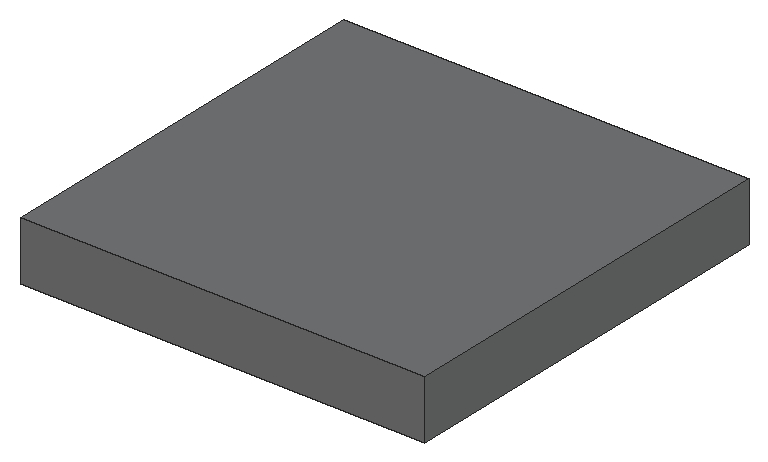
Revit family "Gira_0276005", category Electrical Fixtures, host Face, Revit 2017
Family settings
  Host = Face
  Maintain Annotation Orientation = No
  Round Connector Dimension = Use Diameter
  Part Type = Normal
  Cut with Voids When Loaded = No
  Shared = No
  Room Calculation Point = No
Parameters (values of type "Cov. TAE USB System 55 black m")
  URL = "http://katalog.gira.de/en/datenblatt.html?artikelnr=0276005"
  Transparent = "No"
  Name = "Cov. TAE USB System 55 black m"
  Manufacturer URL = "https://www.gira.de/"
  Manufacturer = "Gira"
  Keynote = ""
  HeinzeBIM = "https://bimportal.heinze.de/bim/cov-tae-usb-system-55-black-m/bd5cafce676037a43935aedbfa67b792c6142c05"
  HAN = "0276005"
  GTIN = "4010337036685"
  Description = "Cov.TAE USB Sys55 BKm,Cover for USB data interface,,black matt,Notes :,- Suitable for USB power supply.,- Suitable for USB data interface."
  Default Elevation = 1219.2 mm
  Data sheet (1) = "https://katalog.gira.de/en/download.html?artikelnr=0276005"
  Category = "Insert/cover for communication technology"
  BIM (1) = "https://media.stage.bim.site/public/gira/36a6b08/Sys55_Abdeckung_Schalten und Tasten.rfa?public/gira/36a6b08/Sys55_Abdeckung_Schalten und Tasten.rfa"
  Available = "No"
  Anthrazit [instance] = Anthrazit
Reference planes
  plane 1 "Center (Front/Back)": y = 0
  plane 2: z = 0
  plane 3 "Center (Left/Right)": x = 0
Forms (mm)
  Extrusion 1, solid, material "Anthrazit" <- "Anthrazit", detail levels fine
    sketch origin (0, 0, 0) x (1, 0, 0) y (0, 1, 0)
      loop
        line (-27.5, 27.5) -> (-27.5, -27.5) -> (27.5, -27.5) -> (27.5, 27.5) -> (-27.5, 27.5)
    from 0 to 8
  Extrusion 2, void
    sketch origin (0, 0, 0) x (1, 0, 0) y (0, 1, 0)
      loop
        line (26, 26) -> (-26, 26) -> (-26, -26) -> (26, -26) -> (26, 26)
    from 0 to 6
  Extrusion 3, solid, material "Anthrazit" <- "Anthrazit", detail levels medium
    sketch origin (0, 0, 0) x (1, 0, 0) y (0, 1, 0)
      loop
        line (-27.5, 27.5) -> (-27.5, -27.5) -> (27.5, -27.5) -> (27.5, 27.5) -> (-27.5, 27.5)
    from 0 to 8
  Extrusion 4, solid, material "Anthrazit" <- "Anthrazit", detail levels medium
    sketch origin (0, 0, 0) x (1, 0, 0) y (0, 1, 0)
      loop
        line (11, -17.5) -> (11, 17.5) -> (-11, 17.5) -> (-11, -17.5) -> (11, -17.5)
    from -6 to 6
  Extrusion 5, solid, material "Anthrazit" <- "Anthrazit", detail levels fine
    sketch origin (0, 0, 0) x (1, 0, 0) y (0, 1, 0)
      loop
        line (11, 17.5) -> (-11, 17.5) -> (-11, 16.5) -> (11, 16.5) -> (11, 17.5)
      loop
        line (-11, -16.5) -> (-11, -17.5) -> (11, -17.5) -> (11, -16.5) -> (-11, -16.5)
    from -4 to 6
  Extrusion 6, solid, material "Anthrazit" <- "Anthrazit", detail levels fine
    sketch origin (0, 0, 0) x (1, 0, 0) y (0, 1, 0)
      loop
        arc (5, 9.347) -> (0, 10.6) -> (-5, 9.347) r 10.6
        line (-5, 9.347) -> (-5, -9.347)
        arc (-5, -9.347) -> (0, -10.6) -> (5, -9.347) r 10.6
        line (5, -9.347) -> (5, 9.347)
    from -6 to 6
  Extrusion 7, solid, material "Anthrazit" <- "Anthrazit", detail levels coarse
    sketch origin (0, 0, 0) x (1, 0, 0) y (0, 1, 0)
      loop
        line (-27.5, 27.5) -> (-27.5, -27.5) -> (27.5, -27.5) -> (27.5, 27.5) -> (-27.5, 27.5)
    from -6 to 8
Cuts and joins
  Extrusion 2 cuts Extrusion 1
Dimensions and locks
  aligned and locked: plane 2 to host face
  aligned and locked: level to host face
